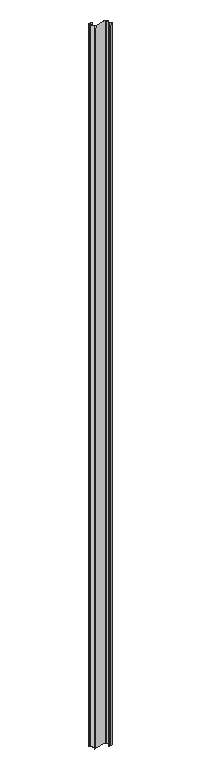
Revit family "Manômetro da luz - Perfis em Z com aresta de forração - Coluna", category Pilares estruturais, Revit 2019
Family settings
  Forma do corte = Não definido
  Material para o comportamento do modelo = Aço
  Exportar sempre como geometria = Não
  Redução da viga na planta = Da caixa de vinculação
  Corte com vazios quando carregada = Não
  Representação simbólica = Das configurações de projeto
  Compartilhado = Não
  Exibir o pré-corte da família na vista da planta = Sim
Parameters (values of type "Z50x25x10x1.52")
  t = 1.52 mm
  r = t  # 1.52 mm
  d = 10 mm
  W = 0.00129
  Structural Material [instance] = Aço leve galvaniado
  R = 2 * t  # 3.04 mm
  H = 50 mm
  B = 25 mm
  Código de montagem = "B10"
  A = 164.00 mm²
Reference planes
  plane 1 "Centro (Frente/Trás)": y = 0
  plane 2: z = 0
  plane 3 "Centro (Esquerda/Direita)": x = 0
  plane 4 "Direita": x = 24.24
  plane 5 "Esquerda": x = -24.24
  plane 6 "Superior": y = 25
  plane 7 "Inferior": y = -25
  plane 8: y = 15
  plane 9: y = -15
  plane 10: x = -0.76
  plane 11: x = 0.76
Forms (mm)
  Extrusion 1, solid, material "Aço leve galvaniado" <- "Structural Material", detail levels medium
    sketch origin (0, 0, 0) x (1, 0, 0) y (0, 1, 0)
      loop
        line (-24.24, -15) -> (-24.24, -25) -> (0.76, -25) -> (0.76, 23.48) -> (22.72, 23.48) -> (22.72, 15) -> (24.24, 15) -> (24.24, 25) -> (-0.76, 25) -> (-0.76, -23.48) -> (-22.72, -23.48) -> (-22.72, -15) -> (-24.24, -15)
    from 0 to 2500
  Extrusion 2, solid, material "Aço leve galvaniado" <- "Structural Material", detail levels fine
    sketch origin (0, 0, 0) x (1, 0, 0) y (0, 1, 0)
      loop
        line (2.28, 23.48) -> (21.2, 23.48)
        arc (21.2, 23.48) -> (22.275, 23.035) -> (22.72, 21.96) r 1.52
        line (22.72, 21.96) -> (22.72, 15) -> (24.24, 15) -> (24.24, 21.96)
        arc (24.24, 21.96) -> (23.35, 24.11) -> (21.2, 25) r 3.04
        line (21.2, 25) -> (2.28, 25)
        arc (2.28, 25) -> (0.13, 24.11) -> (-0.76, 21.96) r 3.04
        line (-0.76, 21.96) -> (-0.76, -21.96)
        arc (-0.76, -21.96) -> (-1.205, -23.035) -> (-2.28, -23.48) r 1.52
        line (-2.28, -23.48) -> (-21.2, -23.48)
        arc (-21.2, -23.48) -> (-22.275, -23.035) -> (-22.72, -21.96) r 1.52
        line (-22.72, -21.96) -> (-22.72, -15) -> (-24.24, -15) -> (-24.24, -21.96)
        arc (-24.24, -21.96) -> (-23.35, -24.11) -> (-21.2, -25) r 3.04
        line (-21.2, -25) -> (-2.28, -25)
        arc (-2.28, -25) -> (-0.13, -24.11) -> (0.76, -21.96) r 3.04
        line (0.76, -21.96) -> (0.76, 21.96)
        arc (0.76, 21.96) -> (1.205, 23.035) -> (2.28, 23.48) r 1.52
    from 0 to 2500
Lines and regions (mm)
  symbolic lines, style "StructuralColumnStickSymbols", detail levels coarse
    curve 1: line (-24.24, -15, 0) -> (-24.24, -25, 0)
    curve 2: line (-24.24, -25, 0) -> (0, -25, 0)
    curve 3: line (0, -25, 0) -> (0, 25, 0)
    curve 4: line (0, 25, 0) -> (24.24, 25, 0)
    curve 5: line (24.24, 25, 0) -> (24.24, 15, 0)
  symbolic lines, style "Faces ocultas", detail levels medium+fine
    curve 6: line (0.76, 0, 2500) -> (0.76, 0, 0)
    curve 7: line (-0.76, 0, 2500) -> (-0.76, 0, 0)
    curve 8: line (22.72, 0, 2500) -> (22.72, 0, 0)
    curve 9: line (-22.72, 0, 2500) -> (-22.72, 0, 0)
    curve 10: line (0, 23.48, 2500) -> (0, 23.48, 0)
    curve 11: line (0, 15, 2500) -> (0, 15, 0)
    curve 12: line (0, -15, 2500) -> (0, -15, 0)
    curve 13: line (0, -23.48, 2500) -> (0, -23.48, 0)
Dimensions and locks
  "d": plane 6 "Superior" to plane 8
  "d": plane 7 "Inferior" to plane 9
  equal spacing: plane 6 "Superior", plane 1 "Centro (Frente/Trás)", plane 7 "Inferior"
  "H": plane 6 "Superior" to plane 7 "Inferior"
  equal spacing: plane 10, plane 3 "Centro (Esquerda/Direita)", plane 11
  "t": plane 10 to plane 11
  "t": plane 4 "Direita" to curve 8
  "t": curve 9 to plane 5 "Esquerda"
  "t": plane 5 "Esquerda" to Extrusion 1 sketch curve
  "t": Extrusion 1 sketch curve to plane 7 "Inferior"
  "t": Extrusion 1 sketch curve to plane 6 "Superior"
  "t": Extrusion 1 sketch curve to plane 4 "Direita"
  "B": plane 5 "Esquerda" to plane 11
  "B": plane 10 to plane 4 "Direita"
  "R": radius of Extrusion 2 sketch curve  (x4)
  "r": radius of Extrusion 2 sketch curve  (x4)
  aligned and locked: level to plane 2
  aligned and locked: curve 4 to plane 6 "Superior"
  aligned and locked: curve 6 to plane 11
  aligned and locked: plane 10 to curve 7
  aligned and locked: plane 3 "Centro (Esquerda/Direita)" to curve 3
  aligned and locked: curve 2 to plane 7 "Inferior"
  aligned and locked: plane 4 "Direita" to curve 5
  aligned and locked: curve 1 to plane 5 "Esquerda"
  aligned and locked: plane 9 to curve 1
  aligned and locked: plane 8 to curve 5
  aligned and locked: Extrusion 1 sketch curve to plane 5 "Esquerda"
  aligned and locked: Extrusion 1 sketch curve to plane 9
  aligned and locked: Extrusion 1 sketch curve to plane 10
  aligned and locked: Extrusion 1 sketch curve to plane 11
  aligned and locked: Extrusion 1 sketch curve to plane 7 "Inferior"
  aligned and locked: plane 6 "Superior" to Extrusion 1 sketch curve
  aligned and locked: Extrusion 1 sketch curve to plane 4 "Direita"
  aligned and locked: Extrusion 1 sketch curve to plane 8
  aligned and locked: Extrusion 1 to plane 2
  aligned and locked: level to Extrusion 1
  aligned and locked: curve 10 to Extrusion 1
  aligned and locked: plane 8 to curve 11
  aligned and locked: curve 12 to plane 9
  aligned and locked: curve 13 to Extrusion 1
  aligned and locked: Extrusion 1 to Extrusion 2 sketch curve  (x8)
  aligned and locked: Extrusion 2 sketch curve to Extrusion 1  (x4)
  aligned and locked: Extrusion 2 to plane 2
  aligned and locked: level to Extrusion 2
Automatic sketch dimensions
  curve 9 to level = 0 mm  (x2)
  curve 8 to level = 0 mm  (x2)
  curve 6 to level = 0 mm  (x2)
  curve 7 to level = 0 mm  (x2)
  curve 13 to level = 0 mm  (x2)
  curve 12 to level = 0 mm  (x2)
  curve 11 to level = 0 mm  (x2)
  curve 10 to level = 0 mm  (x2)
Types in the file's own list only (54): name | t | r | d | W | R | H | B | A
  Z50x25x10x1.90 | 2 mm | 2 mm | 10 mm | 0.00157 | 4 mm | 50 mm | 25 mm | 200.00 mm²
  Z50x25x10x2.28 | 2 mm | 2 mm | 10 mm | 0.00183 | 5 mm | 50 mm | 25 mm | 233.00 mm²
  Z50x25x10x2.66 | 3 mm | 3 mm | 10 mm | 0.00207 | 5 mm | 50 mm | 25 mm | 264.00 mm²
  Z50x25x10x3.04 | 3 mm | 3 mm | 10 mm | 0.0023 | 6 mm | 50 mm | 25 mm | 292.00 mm²
  Z75x40x15x1.52 | 2 mm | 2 mm | 15 mm | 0.00207 | 3 mm | 75 mm | 40 mm | 263.00 mm²
  Z75x40x15x1.90 | 2 mm | 2 mm | 15 mm | 0.00254 | 4 mm | 75 mm | 40 mm | 323.00 mm²
  Z75x40x15x2.28 | 2 mm | 2 mm | 15 mm | 0.00299 | 5 mm | 75 mm | 40 mm | 381.00 mm²
  Z75x40x15x2.66 | 3 mm | 3 mm | 15 mm | 0.00343 | 5 mm | 75 mm | 40 mm | 437.00 mm²
  Z75x40x15x3.04 | 3 mm | 3 mm | 15 mm | 0.00385 | 6 mm | 75 mm | 40 mm | 490.00 mm²
  Z100x50x17x1.52 | 2 mm | 2 mm | 17 mm | 0.00265 | 3 mm | 100 mm | 50 mm | 338.00 mm²
  Z100x50x17x1.90 | 2 mm | 2 mm | 17 mm | 0.00327 | 4 mm | 100 mm | 50 mm | 416.00 mm²
  Z100x50x17x2.28 | 2 mm | 2 mm | 17 mm | 0.00387 | 5 mm | 100 mm | 50 mm | 493.00 mm²
  Z100x50x17x2.66 | 3 mm | 3 mm | 17 mm | 0.00445 | 5 mm | 100 mm | 50 mm | 567.00 mm²
  Z100x50x17x3.04 | 3 mm | 3 mm | 17 mm | 0.00502 | 6 mm | 100 mm | 50 mm | 639.00 mm²
  Z100x50x17x3.42 | 3 mm | 3 mm | 17 mm | 0.00556 | 7 mm | 100 mm | 50 mm | 709.00 mm²
  Z127x50x17x1.52 | 2 mm | 2 mm | 17 mm | 0.00297 | 3 mm | 127 mm | 50 mm | 379.00 mm²
  Z127x50x17x1.90 | 2 mm | 2 mm | 17 mm | 0.00367 | 4 mm | 127 mm | 50 mm | 468.00 mm²
  Z127x50x17x2.28 | 2 mm | 2 mm | 17 mm | 0.00435 | 5 mm | 127 mm | 50 mm | 554.00 mm²
  Z127x50x17x2.66 | 3 mm | 3 mm | 17 mm | 0.00501 | 5 mm | 127 mm | 50 mm | 639.00 mm²
  Z127x50x17x3.04 | 3 mm | 3 mm | 17 mm | 0.00566 | 6 mm | 127 mm | 50 mm | 721.00 mm²
  Z127x50x17x3.42 | 3 mm | 3 mm | 17 mm | 0.00629 | 7 mm | 127 mm | 50 mm | 801.00 mm²
  Z150x60x20x1.52 | 2 mm | 2 mm | 20 mm | 0.00356 | 3 mm | 150 mm | 60 mm | 453.00 mm²
  Z150x60x20x1.90 | 2 mm | 2 mm | 20 mm | 0.0044 | 4 mm | 150 mm | 60 mm | 561.00 mm²
  Z150x60x20x2.28 | 2 mm | 2 mm | 20 mm | 0.00523 | 5 mm | 150 mm | 60 mm | 666.00 mm²
  Z150x60x20x2.66 | 3 mm | 3 mm | 20 mm | 0.00604 | 5 mm | 150 mm | 60 mm | 769.00 mm²
  Z150x60x20x3.04 | 3 mm | 3 mm | 20 mm | 0.00683 | 6 mm | 150 mm | 60 mm | 870.00 mm²
  Z150x60x20x3.42 | 3 mm | 3 mm | 20 mm | 0.0076 | 7 mm | 150 mm | 60 mm | 969.00 mm²
  Z150x60x20x3.80 | 4 mm | 4 mm | 20 mm | 0.00836 | 8 mm | 150 mm | 60 mm | 1065.00 mm²
  Z150x60x20x4.18 | 4 mm | 4 mm | 20 mm | 0.0091 | 8 mm | 150 mm | 60 mm | 1159.00 mm²
  Z150x60x20x4.76 | 5 mm | 5 mm | 20 mm | 0.01019 | 10 mm | 150 mm | 60 mm | 1219.00 mm²
  Z200x75x20x1.90 | 2 mm | 2 mm | 20 mm | 0.0056 | 4 mm | 200 mm | 75 mm | 713.00 mm²
  Z200x75x20x2.28 | 2 mm | 2 mm | 20 mm | 0.00666 | 5 mm | 200 mm | 75 mm | 848.00 mm²
  Z200x75x25x2.66 | 3 mm | 3 mm | 25 mm | 0.00792 | 5 mm | 200 mm | 75 mm | 1008.00 mm²
  Z200x75x25x3.04 | 3 mm | 3 mm | 25 mm | 0.00898 | 6 mm | 200 mm | 75 mm | 1144.00 mm²
  Z200x75x25x3.42 | 3 mm | 3 mm | 25 mm | 0.01002 | 7 mm | 200 mm | 75 mm | 1276.00 mm²
  Z200x75x25x3.80 | 4 mm | 4 mm | 25 mm | 0.01104 | 8 mm | 200 mm | 75 mm | 1407.00 mm²
  Z200x75x25x4.18 | 4 mm | 4 mm | 25 mm | 0.01205 | 8 mm | 200 mm | 75 mm | 1535.00 mm²
  Z200x75x25x4.76 | 5 mm | 5 mm | 25 mm | 0.03155 | 10 mm | 200 mm | 75 mm | 1726.00 mm²
  Z250x85x25x1.90 | 2 mm | 2 mm | 25 mm | 0.00679 | 4 mm | 250 mm | 85 mm | 865.00 mm²
  Z250x85x25x2.28 | 2 mm | 2 mm | 25 mm | 0.00809 | 5 mm | 250 mm | 85 mm | 1031.00 mm²
  Z250x85x25x2.66 | 3 mm | 3 mm | 25 mm | 0.00938 | 5 mm | 250 mm | 85 mm | 1195.00 mm²
  Z250x85x25x3.04 | 3 mm | 3 mm | 25 mm | 0.01065 | 6 mm | 250 mm | 85 mm | 1356.00 mm²
  Z250x85x25x3.42 | 3 mm | 3 mm | 25 mm | 0.0119 | 7 mm | 250 mm | 85 mm | 1516.00 mm²
  Z250x85x25x3.80 | 4 mm | 4 mm | 25 mm | 0.01313 | 8 mm | 250 mm | 85 mm | 1673.00 mm²
  Z250x85x25x4.18 | 4 mm | 4 mm | 25 mm | 0.01435 | 8 mm | 250 mm | 85 mm | 1827.00 mm²
  Z250x85x25x4.76 | 5 mm | 5 mm | 25 mm | 0.01617 | 10 mm | 250 mm | 85 mm | 2059.00 mm²
  Z300x85x25x1.90 | 2 mm | 2 mm | 25 mm | 0.00753 | 4 mm | 300 mm | 85 mm | 960.00 mm²
  Z300x85x25x2.28 | 2 mm | 2 mm | 25 mm | 0.00899 | 5 mm | 300 mm | 85 mm | 1145.00 mm²
  Z300x85x25x2.66 | 3 mm | 3 mm | 25 mm | 0.01042 | 5 mm | 300 mm | 85 mm | 1328.00 mm²
  Z300x85x25x3.04 | 3 mm | 3 mm | 25 mm | 0.01184 | 6 mm | 300 mm | 85 mm | 1508.00 mm²
  Z300x85x25x3.42 | 3 mm | 3 mm | 25 mm | 0.01324 | 7 mm | 300 mm | 85 mm | 1687.00 mm²
  Z300x85x25x3.80 | 4 mm | 4 mm | 25 mm | 0.01462 | 8 mm | 300 mm | 85 mm | 1863.00 mm²
  Z300x85x25x4.18 | 4 mm | 4 mm | 25 mm | 0.01599 | 8 mm | 300 mm | 85 mm | 2036.00 mm²
  Z300x85x25x4.76 | 5 mm | 5 mm | 25 mm | 0.01803 | 10 mm | 300 mm | 85 mm | 2297.00 mm²
